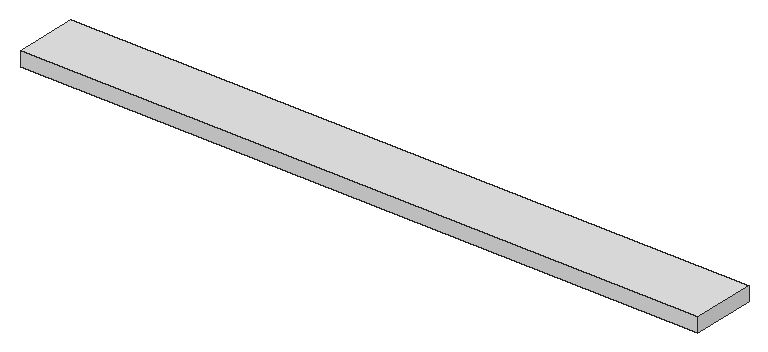
Revit family "11-TRIMBOARD-AND-STEALTH-TRIM-CADS-93-5-4-5-trim-4-REVIT_Versatex-Generic-Model-5-4in-x-5in-TRIMBOARD", category Generic Models, host Face, Revit 2026
Family settings
  Host = Face
  Can host rebar = No
  Round Connector Dimension = Use Diameter
  Part Type = Normal
  Cut with Voids When Loaded = No
  Maintain Annotation Orientation = No
  Shared = No
  Room Calculation Point = No
Parameters
  Model = "TBSM/TR540518"
  Length = 4' - 0"
  Warranty = "https://versatex.com/warranty/"
  URL = "https://versatex.com/"
  Specification = "https://www.arcat.com/company/versatex-45716/spec?coid=45716"
  Sales Information = "https://versatex.com/dealer-locator/"
  Message Manufacturer = "https://versatex.com/contact/"
  Material = Versatex PVC - Smooth
  Manufacturer Website = "https://versatex.com/"
  Manufacturer Phone = "724-857-1111"
  Manufacturer Fax = "724-857-1171"
  Manufacturer Address = "400 Steel Street, Aliquippa, PA 15001"
  Manufacturer = "Versatex"
  Literature = "https://versatex.com/literature/?_sft_literature_category=cads"
  Description = "NOMINAL 5/4” x 5” TRIMBOARD"
  Default Elevation = 4' - 0"
  Copyright = "© 2024 VERSATEX Building Products, LLC"
Reference planes (in)
  plane 1 "Center (Front/Back)": y = 0
  plane 2: z = 0
  plane 3 "Center (Left/Right)": x = 0
  plane 4: x = 24
  plane 5: x = -24
Forms (in)
  Sweep 1, solid, material "Versatex PVC - Smooth" <- "Material"
    path origin (0, 0, 0) x (1, 0, 0) y (0, 1, 0)
      loop
        line (-24, 0) -> (24, 0)
    profile "Versatex_Profile_5-4” x 5” TRIMBOARD : Versatex_Profile_5-4” x 5” TRIMBOARD" origin (0, 0, 0) x (0, 1, 0) y (0, 0, 1)
      loop
        line (0, 0) -> (4.5, 0) -> (4.5, 1) -> (0, 1) -> (0, 0)
Dimensions and locks (in)
  "Length": plane 5 to plane 4
  equal spacing: plane 5, plane 3 "Center (Left/Right)", plane 4, locked at 24 each
  aligned and locked: plane 2 to host face
  aligned and locked: level to host face
Automatic sketch dimensions
  host sketch curve to host sketch curve = 8' - 0"  (x2)
  plane 1 "Center (Front/Back)" to Sweep 1 sketch curve = 0' - 0"
  Sweep 1 sketch curve to plane 5 = 0' - 0"
  Sweep 1 sketch curve to plane 4 = 0' - 0"
